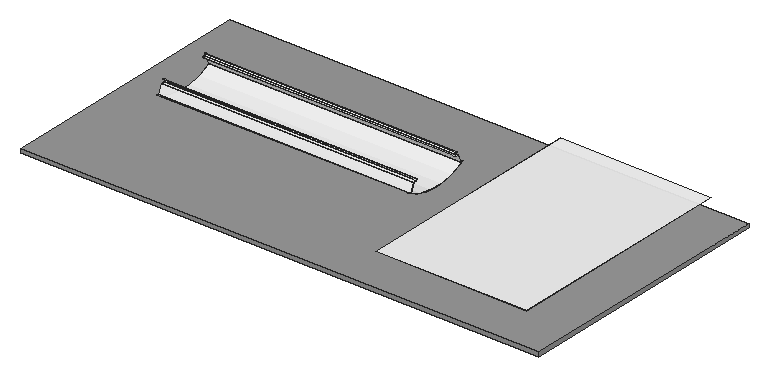
Revit family "VR3IF-4103-LRC", category Lighting Fixtures, host Ceiling, Revit 2019
Family settings
  Host = Ceiling
  Round Connector Dimension = Use Diameter
  Part Type = Normal
  OmniClass Number = 23.80.70.11.14.17
  OmniClass Title = Direct/Indirect
  Always vertical = Yes
  Cut with Voids When Loaded = No
  Light Source = Yes
  Shared = No
  Room Calculation Point = No
Parameters (values of type "VR3IF-4103-LED835K20L_34L-835K100L-P47 (READING ON ONLY)")
  Width = 2' - 3 7/8"
  Wattage = 23.4 W
  built-in parameter 1150110 = 1 (stored number, unit not read)
  Voltage = 120 V
  URL = "https://www.viscor.com/en/products/vr3if-4103"
  built-in parameter 1114217 = 0.9 (stored number, unit not read)
  Tilt Angle = 90.00°
  built-in parameter 1150109 = 1 (stored number, unit not read)
  built-in parameter 1150134 = 12
  built-in parameter 1150113 = 1 (stored number, unit not read)
  Photometric Web File = "VR3IF-4103-LED835K20L_34L-835K100L-P47 (READING ON ONLY).IES"
  Model = "VR3IF-4103-LRC"  # constant formula
  Manufacturer = "CERTOLUX by VISCOR"  # constant formula
  Lumens = 1404 lm
  built-in parameter 1150115 = 1 (stored number, unit not read)
  built-in parameter 1150105 = 111.73 (stored number, unit not read)
  built-in parameter 1150137 = (empty or 0)
  built-in parameter 1150139 = (empty or 0)
  Lens ambient = Acrylic - Viscor - Frosted Round
  Exam Lens = Polycarbonate - Viscor - Frosted Flat
  DoorFrame = Polycarbonate - Viscor - Clear Lens  0.375" Thick
  Length = 4' - 3 3/64"
  Lamp Wattage = 23.4 VA
  built-in parameter 1150112 = 1 (stored number, unit not read)
  built-in parameter 1150114 = 1 (stored number, unit not read)
  Lamp = "LED"  # constant formula
  built-in parameter 1150132 = (empty or 0)
  built-in parameter 1150102 = (empty or 0)
  built-in parameter 1150138 = (empty or 0)
  built-in parameter 1150107 = 4000 (stored number, unit not read)
  built-in parameter 1150106 = 1.1173 (stored number, unit not read)
  Housing Finish = Metal - Viscor - White
  Emit from Rectangle Width = Width  # 2' - 3 7/8"
  Emit from Rectangle Length = Length  # 4' - 3 3/64"
  Emit Shape Visible in Rendering = no
  built-in parameter 1150104 = 5.5742 (stored number, unit not read)
  Dimming Lamp Color Temperature Shift = <None>
  Description = "LED Behavioal Health Anti-Ligature"  # constant formula
  Color Filter = 16777215
  built-in parameter 1114218 = 1 (stored number, unit not read)
  built-in parameter 1150133 = 10 (stored number, unit not read)
  Assembly Code = "D5020200"
  Apparent Load = Lamp Wattage  # 23.4 VA
Types (5): name | Wattage | Photometric Web File | Lumens | built-in parameter 1150105 | Lamp Wattage | built-in parameter 1150106 | built-in parameter 1150104 | Apparent Load
  (no name) | 23.4 W | "VR3IF-4103-LED835K20L_34L-835K100L-P47 (READING ON ONLY).IES" | 1404 lm | 111.73 (stored number, unit not read) | 23.4 VA | 1.1173 (stored number, unit not read) | 5.5742 (stored number, unit not read) | 23.4 VA
  VR3IF-4103-LED835K20L_34L-835K100L-P47 (ALL ON) | 159.6 W | "VR3IF-4103-LED835K20L_34L-835K100L-P47 (ALL ON).IES" | 15162 lm | 1206.6 (stored number, unit not read) | 159.6 VA | 12.066 (stored number, unit not read) | 8.8258 (stored number, unit not read) | 159.6 VA
  VR3IF-4103-LED835K20L_34L-835K100L-P47 (AMBIENT ON ONLY) | 35.07 W | "VR3IF-4103-LED835K20L_34L-835K100L-P47 (AMBIENT ON ONLY).IES" | 3612.21 lm | 287.45 (stored number, unit not read) | 35.07 VA | 2.8745 (stored number, unit not read) | 9.569 (stored number, unit not read) | 35.07 VA
  VR3IF-4103-LED835K20L_34L-835K100L-P47 (EXAM ON ONLY) | 100.71 W | "VR3IF-4103-LED835K20L_34L-835K100L-P47 (EXAM ON ONLY).IES" | 10272.4 lm | 817.45 (stored number, unit not read) | 100.71 VA | 8.1745 (stored number, unit not read) | 9.4761 (stored number, unit not read) | 100.71 VA
  VR3IF-4103-LED835K20L_34L-835K100L-P47 (READING ON ONLY) | 23.4 W | "VR3IF-4103-LED835K20L_34L-835K100L-P47 (READING ON ONLY).IES" | 1404 lm | 111.73 (stored number, unit not read) | 23.4 VA | 1.1173 (stored number, unit not read) | 5.5742 (stored number, unit not read) | 23.4 VA
Reference planes (in)
  plane 1 "Light Source Axis (F/B)": y = 0
  plane 2 "Ceiling": z = 96
  plane 3 "Light Source Axis (L/R)": x = 0
  plane 4 "Light Source Elevation": z = 96
  plane 5: y = 13.9375
  plane 6: y = -13.9375
  plane 7 "Left": x = -25.52344
  plane 8 "Right": x = 25.52344
  plane 9 "USofFrame": z = 96.045
  plane 10 "Lens": z = 96.17
Forms (in)
  Extrusion 1, void
    sketch origin (43.99109, -53.88196, 0) x (1, 0, 0) y (0, 1, 0)
      loop
        line (-69.51453, 67.81946) -> (-69.51453, 39.94446) -> (-18.46765, 39.94446) -> (-18.46765, 67.81946) -> (-69.51453, 67.81946)
    from 95.78898 to 100.66621
  Extrusion 2, solid, material "Polycarbonate - Viscor - Clear Lens  0.375" Thick" <- "DoorFrame"
    sketch origin (0, 0, 0) x (0, 1, 0) y (0, 0, 1)
      loop
        line (11.875, 96.12) -> (11.875, 96.495) -> (-11.875, 96.495) -> (-11.875, 96.12) -> (11.875, 96.12)
    from -23.5 to 23.5
  Extrusion 3, solid, material "Polycarbonate - Viscor - Frosted Flat" <- "Exam Lens"
    sketch origin (0, 0, 0) x (1, 0, 0) y (0, 0, 1)
      loop
        line (7.64375, 98.416) -> (21.33125, 98.416) -> (21.33125, 98.456) -> (7.64375, 98.456) -> (7.64375, 98.416)
    from -10.5 to 10.5
  Extrusion 4, solid, material "Acrylic - Viscor - Frosted Round" <- "Lens ambient"
    sketch origin (0, 0, 0) x (0, 1, 0) y (0, 0, 1)
      loop
        line (-2.51884, 99.54441) -> (-2.89265, 98.8051)
        arc (-2.89265, 98.8051) -> (-2.95921, 98.84192) -> (-3.0253, 98.87958) r 6.04905
        arc (-3.0253, 98.87958) -> (-3.07083, 98.87206) -> (-3.05463, 98.82885) r 0.02986
        arc (-3.05463, 98.82885) -> (0.00233, 98.00877) -> (3.0593, 98.82885) r 6.10765
        arc (3.0593, 98.82885) -> (3.07, 98.86888) -> (3.02997, 98.87958) r 0.0293
        arc (3.02997, 98.87958) -> (2.96206, 98.8409) -> (2.89366, 98.80311) r 6.04905
        line (2.89366, 98.80311) -> (2.51884, 99.54441) -> (2.27495, 99.56204)
        arc (2.27495, 99.56204) -> (2.2146, 99.6069) -> (2.22972, 99.68057) r 0.07
        line (2.22972, 99.68057) -> (2.36887, 99.82422)
        arc (2.36887, 99.82422) -> (2.36921, 99.86599) -> (2.32744, 99.86566) r 0.0293
        line (2.32744, 99.86566) -> (2.18764, 99.72133)
        arc (2.18764, 99.72133) -> (2.15986, 99.58601) -> (2.27073, 99.5036) r 0.12859
        line (2.27073, 99.5036) -> (2.48152, 99.48836) -> (2.84204, 98.77534)
        arc (2.84204, 98.77534) -> (0.00025, 98.06737) -> (-2.84105, 98.7773) r 6.04905
        line (-2.84105, 98.7773) -> (-2.48152, 99.48836) -> (-2.27073, 99.5036)
        arc (-2.27073, 99.5036) -> (-2.15986, 99.58601) -> (-2.18764, 99.72133) r 0.12859
        line (-2.18764, 99.72133) -> (-2.32679, 99.86499)
        arc (-2.32679, 99.86499) -> (-2.36856, 99.86532) -> (-2.36823, 99.82355) r 0.0293
        line (-2.36823, 99.82355) -> (-2.22972, 99.68057)
        arc (-2.22972, 99.68057) -> (-2.2146, 99.6069) -> (-2.27495, 99.56204) r 0.07
        line (-2.27495, 99.56204) -> (-2.51884, 99.54441)
    from -18.14194 to 4.73306
Dimensions and locks (in)
  equal spacing: host sketch curve, plane 3 "Light Source Axis (L/R)", host sketch curve
  equal spacing: host sketch curve, plane 1 "Light Source Axis (F/B)", host sketch curve
  host sketch curve to host sketch curve = 10' - 0"  (x2)
  equal spacing: plane 7 "Left", plane 3 "Light Source Axis (L/R)", plane 8 "Right"
  "Length": plane 7 "Left" to plane 8 "Right"
  equal spacing: plane 5, plane 1 "Light Source Axis (F/B)", plane 6
  "Width": plane 5 to plane 6
  locked: plane 9 "USofFrame" to plane 2 "Ceiling" at 0.045
  plane 10 "Lens" to plane 9 "USofFrame" = 0' - 0 1/8"
  aligned and locked: plane 3 "Light Source Axis (L/R)" to imposter light
  aligned and locked: plane 1 "Light Source Axis (F/B)" to imposter light
  aligned and locked: plane 4 "Light Source Elevation" to imposter light
  aligned and locked: Extrusion 1 to plane 7 "Left"
  aligned and locked: plane 8 "Right" to Extrusion 1
  aligned and locked: Extrusion 1 to plane 6
  aligned and locked: plane 5 to Extrusion 1
Automatic sketch dimensions
  Extrusion 1 sketch curve to plane 5 = 2' - 3 7/8"
  Extrusion 1 sketch curve to plane 7 "Left" = 0' - 0"
  plane 7 "Left" to Extrusion 1 sketch curve = 4' - 3 3/64"
  Extrusion 1 sketch curve to Extrusion 1 sketch curve = 2' - 3 7/8"
  Extrusion 2 sketch curve to plane 10 "Lens" = 0' - 0.05"
  plane 6 to Extrusion 2 sketch curve = 0' - 2 1/16"
  plane 10 "Lens" to Extrusion 2 sketch curve = 0' - 0.325"
  Extrusion 2 sketch curve to plane 5 = 0' - 2 1/16"
  plane 10 "Lens" to Extrusion 3 sketch curve = 0' - 2.286"
  plane 3 "Light Source Axis (L/R)" to Extrusion 3 sketch curve = 0' - 7.64375"
  Extrusion 3 sketch curve to plane 8 "Right" = 0' - 4.19219"
  Extrusion 3 sketch curve to Extrusion 3 sketch curve = 0' - 0.04"
  Extrusion 4 sketch curve to Extrusion 4 sketch curve = 0' - 0"  (x12)
  Extrusion 4 sketch curve to Extrusion 4 sketch curve = 0' - 0.15232"
  Extrusion 4 sketch curve to Extrusion 4 sketch curve = 0' - 0.0516"
  Extrusion 4 sketch curve to Extrusion 4 sketch curve = 0' - 0.37381"
  Extrusion 4 sketch curve to Extrusion 4 sketch curve = 0' - 0.03732"  (x2)
  Extrusion 4 sketch curve to Extrusion 4 sketch curve = 0' - 0.15061"
  Extrusion 4 sketch curve to Extrusion 4 sketch curve = 0' - 0.02039"  (x2)
  Extrusion 4 sketch curve to Extrusion 4 sketch curve = 0' - 0.02105"  (x4)
  Extrusion 4 sketch curve to Extrusion 4 sketch curve = 0' - 0.08823"
  Extrusion 4 sketch curve to Extrusion 4 sketch curve = 0' - 0.00505"  (x2)
  Extrusion 4 sketch curve to Extrusion 4 sketch curve = 0' - 0.00422"  (x2)
  Extrusion 4 sketch curve to Extrusion 4 sketch curve = 0' - 0.05028"
  Extrusion 4 sketch curve to Extrusion 4 sketch curve = 0' - 0.04209"  (x2)
  Extrusion 4 sketch curve to plane 1 "Light Source Axis (F/B)" = 0' - 0.00233"
  Extrusion 4 sketch curve to Extrusion 4 sketch curve = 0' - 0.04101"
  Extrusion 4 sketch curve to Extrusion 4 sketch curve = 0' - 0.1398"
  Extrusion 4 sketch curve to Extrusion 4 sketch curve = 0' - 0.21079"
  Extrusion 4 sketch curve to Extrusion 4 sketch curve = 0' - 0.36052"
  Extrusion 4 sketch curve to Extrusion 4 sketch curve = 0' - 0.05162"
  Extrusion 4 sketch curve to Extrusion 4 sketch curve = 0' - 0.15098"
  plane 10 "Lens" to Extrusion 4 sketch curve = 0' - 2.60534"
  Extrusion 4 sketch curve to Extrusion 4 sketch curve = 0' - 0.00196"
  Extrusion 4 sketch curve to Extrusion 4 sketch curve = 0' - 0.02777"
  Extrusion 4 sketch curve to Extrusion 4 sketch curve = 0' - 0.0278"
  Extrusion 4 sketch curve to Extrusion 4 sketch curve = 0' - 0.05111"
  Extrusion 4 sketch curve to Extrusion 4 sketch curve = 0' - 0.05201"
  Extrusion 4 sketch curve to Extrusion 4 sketch curve = 0' - 0.71302"
  Extrusion 4 sketch curve to Extrusion 4 sketch curve = 0' - 0.71107"
  Extrusion 4 sketch curve to Extrusion 4 sketch curve = 0' - 0.01524"  (x2)
  Extrusion 4 sketch curve to Extrusion 4 sketch curve = 0' - 0.05605"  (x2)
  Extrusion 4 sketch curve to Extrusion 4 sketch curve = 0' - 0.05844"  (x2)
  Extrusion 4 sketch curve to Extrusion 4 sketch curve = 0' - 0.06982"  (x2)
  Extrusion 4 sketch curve to Extrusion 4 sketch curve = 0' - 0.14298"
  Extrusion 4 sketch curve to Extrusion 4 sketch curve = 0' - 0.14365"
  Extrusion 4 sketch curve to Extrusion 4 sketch curve = 0' - 0.00966"
  Extrusion 4 sketch curve to Extrusion 4 sketch curve = 0' - 0.01967"
  Extrusion 4 sketch curve to Extrusion 4 sketch curve = 0' - 0.01466"
Connectors (in)
  electrical at (0, 0, 96), driven by "Voltage", driven by "Apparent Load"
    settings: index 1, voltage 120 V, apparent load 0 VA, apparent load phase1 23.4 VA, apparent load phase2 0 VA, apparent load phase3 0 VA, power factor 1, load classification "Other", number of poles 1, system type 31, power factor state 1, is connector primary yes, connector utility no, sub classification motor no, connector description ""
